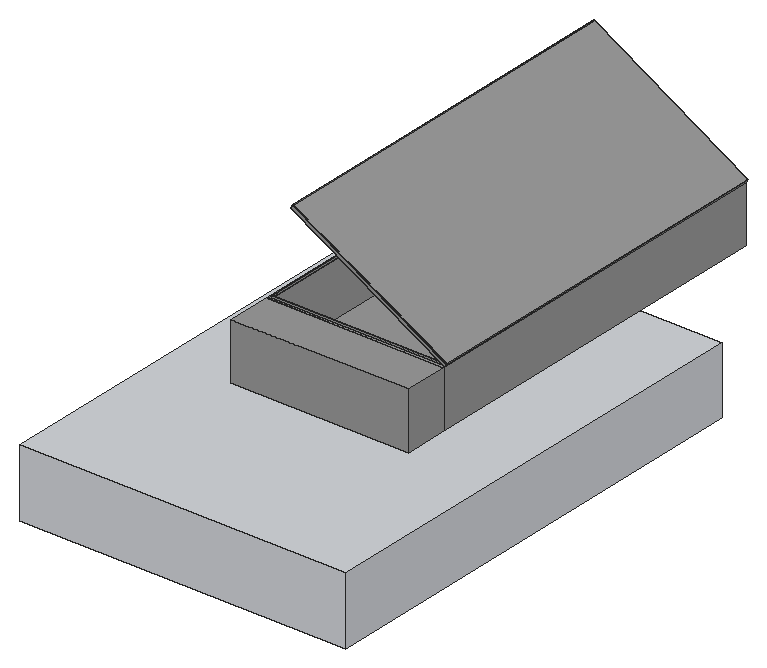
Revit family "Hager-Univers-IP55-D275-H1900-Cl.I-Steel_encl-NL-en", category Equipement électrique, Revit 2020
Family settings
  Hôte = Face
  Configuration du panneau = Deux colonnes, circuits au sein
  Cote de connecteur circulaire = Utiliser le diamètre
  Type d'élément = Tableau de raccordement
  Couper avec des vides une fois chargée = Non
  Partagée = Non
  Point de calcul de pièce = Non
Parameters (values of type "Floor installation IP55 W800 H1900 D275  - FR13E2")
  Width Control [instance] = if([EF000008 - Width] > Min Width, [EF000008 - Width], Min Width)  # 800 mm
  Commentaires du type = [HG000003 - Range]  # "Univers"
  Thickness Door [instance] = if([EF009171 - Material plate thickness door/cover] > 3 mm, 3 mm, [EF009171 - Material plate thickness door/cover])  # 1.5 mm
  Seal Frame Offset [instance] = 17 mm  # constant formula
  Plinth Visibility [instance] = [HG000027 - Plinth height] > 0 mm  # yes
  Model = ""
  Min Width [instance] = 100 mm  # constant formula
  Min Height [instance] = 100 mm  # constant formula
  Min Depth [instance] = (2 * [EF009170 - Material plate thickness cabinet]) + 1 mm  # 4 mm
  Internal Frame Depth [instance] = (Door System Depth * 0.5)  # 9 mm
  Height Control [instance] = if([EF000040 - Height] > Min Height, [EF000040 - Height], Min Height)  # 1900 mm
  HG000027 - Plinth height = 200 mm
  HG000026 - Floor standing = yes
  HG000024 - Bottom section height = 800 mm
  HG000023 - Double section enclosure = no
  HG000016 - Door 3d visibility [instance] = yes
  HG000015 - Clearance visibility [instance] = no
  HG000014 - Door on the right [instance] = yes
  HG000013 - Door on the left [instance] = not([HG000014 - Door on the right])  # no
  HG000012 - Door swing angle [instance] = 30.00°
  HG000010 - Asymmetric doors = no
  HG000009 - Double swing door = no
  HG000006 - Flush mounted = no
  HG000004 - Manufacturer reference = "FR13E2"
  HG000003 - Range = "Univers"
  HG000002 - With door or cover = yes
  Frame Offset Bottom [instance] = 10 mm  # constant formula
  Frame Offset [instance] = 15 mm  # constant formula
  EF015940 - Cover with overpressure release = no
  EF011959 - Degree of protection (NEMA) = ""
  EF009554 - Number of openings for flange plates = 6
  EF009212 - Cover model = "EV000116 - Closed"
  EF009171 - Material plate thickness door/cover = 1.5 mm
  EF009170 - Material plate thickness cabinet = 1.5 mm
  Fabricant = "Hager"  # constant formula
  EF008873 - Nominal current (In) = 800 A
  EF007800 - Suitable for lightning protection = no
  EF006306 - With lock = no
  EF006244 - Transparent cover/door = no
  EF005474 - Degree of protection (IP) = "EV006420 - IP55"
  EF004464 - Type of door = "EV002646 - Single"
  EF004427 - Number of modules = 396
  EF004293 - Impact strength = "EV008784 - IK10"
  EF003532 - Suitable for outdoor use = no
  EF002950 - Width in number of modular spacings = 24
  EF001613 - Circuit integrity = "EV000494 - None"
  EF001596 - Material housing = "EV000179 - Steel"
  EF001131 - Internal depth = 275 mm
  EF001088 - Extension possible = yes
  EF000437 - Number of conduit inlets = 6
  EF000339 - Type of cover = "EV004216 - Door"
  EF000266 - Number of rows = 11
  EF000218 - Built-in depth = 0 mm
  EF000118 - With mounting plate = no
  EF000116 - RAL-number = "7035"
  EF000049 - Depth = 275 mm
  EF000040 - Height = 1900 mm
  EF000008 - Width = 800 mm
  EF000007 - Colour = "EV000270 - Grey"
  EF000003 - Mounting method = "EV012274 - Floor installation"
  Door System Leaf Tolerance [instance] = 1.5 mm  # constant formula
  Door System Depth [instance] = 18 mm  # constant formula
  Door Height [instance] = Height Control - [HG000027 - Plinth height]  # 1700 mm
  Depth Control [instance] = if([EF000049 - Depth] > Min Depth, [EF000049 - Depth], Min Depth)  # 275 mm
  Default Elevation = 0 mm
  Connector Offset [instance] = Height Control / 2  # 950 mm
  Bottom Top Plate Trim [instance] = 1.5 mm  # constant formula
  Plinth height Ctrl [instance] = if([HG000027 - Plinth height] > 0 mm, [HG000027 - Plinth height], 12 mm)  # 200 mm
Types (5, lengths in mm): name | Width Control | HG000010 - Asymmetric doors | HG000009 - Double swing door | HG000004 - Manufacturer reference | EF009554 - Number of openings for flange plates | EF004464 - Type of door | EF004427 - Number of modules | EF000437 - Number of conduit inlets | EF000008 - Width
  Floor installation IP55 W1050 H1900 D275  - FR14E2 | 1050 | yes | yes | "FR14E2" | 8 | "EV003602 - Double" | 528 | 8 | 1050
  Floor installation IP55 W1300 H1900 D275  - FR15E2 | 1300 | yes | yes | "FR15E2" | 10 | "EV003602 - Double" | 660 | 10 | 1300
  Floor installation IP55 W300 H1900 D275  - FR11E2 | 300 | no | no | "FR11E2" | 2 | "EV002646 - Single" | 132 | 2 | 300
  Floor installation IP55 W550 H1900 D275  - FR12E2 | 550 | no | no | "FR12E2" | 4 | "EV002646 - Single" | 264 | 4 | 550
  Floor installation IP55 W800 H1900 D275  - FR13E2 | 800 | no | no | "FR13E2" | 6 | "EV002646 - Single" | 396 | 6 | 800
Reference planes
  plane 1 "Center (Front/Back)": y = 0
  plane 2: z = 0
  plane 3 "Center (Left/Right)": x = 0
  plane 4: z = 275
  plane 5: y = 201.5
  plane 6: y = 1050
  plane 7: y = 200
  plane 8: y = 1900
  plane 9: z = 0
  plane 10: x = -385
  plane 11: x = 385
  plane 12: x = 383.5
  plane 13: x = -383.5
  plane 14: y = 1898.5
  plane 15: x = -383
  plane 16: x = -400
  plane 17: x = 383
  plane 18: x = 400
  plane 19: x = 398.5
  plane 20: x = -398.5
  plane 21: y = 211.5
  plane 22: y = 1900
  plane 23: y = 1883.5
  plane 24: z = 257
  plane 25: z = 1.5
  plane 26: z = 255.5
  plane 27: z = 273.5
Forms (mm)
  Extrusion 1, solid
    sketch origin (0, 0, 0) x (1, 0, 0) y (0, 1, 0)
      loop
        line (-702.964, 1305) -> (-702.964, -811.445) -> (766.763, -811.445) -> (766.763, 1305) -> (-702.964, 1305)
    from 0 to -304.8
  Extrusion 2, solid, material "Hager_Steel_RAL7035_Light_Grey", visible <- "Plinth Visibility", detail levels medium+fine
    sketch origin (0, 0, 0) x (1, 0, 0) y (0, 1, 0)
      loop
        line (-400, 0) -> (400, 0) -> (400, 200) -> (-400, 200) -> (-400, 0)
    from 0 to 257
  Extrusion 3, solid, material "Hager_Steel_RAL7035_Light_Grey", detail levels medium+fine
    sketch origin (0, 0, 0) x (1, 0, 0) y (0, 1, 0)
      loop
        line (-400, 200) -> (400, 200) -> (400, 1900) -> (-400, 1900) -> (-400, 200)
    from 0 to 257
  Extrusion 4, void
    sketch origin (0, 0, 0) x (1, 0, 0) y (0, 1, 0)
      loop
        line (-398.5, 201.5) -> (398.5, 201.5) -> (398.5, 1898.5) -> (-398.5, 1898.5) -> (-398.5, 201.5)
    from 1.5 to 255.5
  Extrusion 5, void
    sketch origin (-381.607, -4572, 257) x (0, -1, 0) y (-1, 0, 0)
      loop
        line (-4783.5, 1.893) -> (-6455.5, 1.893) -> (-6455.5, -765.107) -> (-4783.5, -765.107) -> (-4783.5, 1.893)
    from 0 to 1.5 <- "EF009170 - Material plate thickness cabinet"
  Extrusion 6, solid, material "Hager_Steel_RAL7035_Light_Grey", detail levels fine
    sketch origin (0, 0, 257) x (1, 0, 0) y (0, 1, 0)
      loop
        line (-383.5, 1883.5) -> (-383.5, 211.5) -> (383.5, 211.5) -> (383.5, 1883.5) -> (-383.5, 1883.5)
      loop
        line (-385, 210) -> (385, 210) -> (385, 1885) -> (-385, 1885) -> (-385, 210)
    from 0 to 9 <- "Internal Frame Depth"
  Extrusion 7, solid, material "Hager_Steel_RAL7035_Light_Grey", detail levels coarse
    sketch origin (0, 0, 0) x (1, 0, 0) y (0, 1, 0)
      loop
        line (-400, 0) -> (400, 0) -> (400, 1900) -> (-400, 1900) -> (-400, 0)
    from 0 to 275
  Sweep 8, void
    path in 3D
      loop
        line (-400, 200, 0) -> (400, 200, 0) -> (400, 200, 257) -> (-400, 200, 257) -> (-400, 200, 0)
    profile origin (-400, 200, 128.5) x (-1, 0, 0) y (0, -1, 0)
      loop
        line (0, 0) -> (0, 1.5) -> (-1.5, 1.5)
        arc (-1.5, 1.5) -> (-1.061, 0.439) -> (0, 0) r 1.5
Cuts and joins
  Extrusion 4, Extrusion 5 cuts Extrusion 3
  Sweep 8 cuts Extrusion 2
Lines and regions (mm)
  Masking region 1
    outline origin (0, 0, 0) x (1, 0, 0) y (0, 0, 1)
      loop
        line (-400, 275) -> (-400, 0) -> (400, 0) -> (400, 275) -> (-400, 275)
  Masking region 2, detail levels medium+fine
    outline origin (0, 140, 0) x (0, 1, 0) y (0, 0, 1)
      loop
        line (60, 0) -> (1760, 0) -> (1760, 257) -> (60, 257) -> (60, 0)
  Masking region 3, not visible, detail levels medium+fine
    outline origin (0, 297.922, 0) x (0, 1, 0) y (0, 0, 1)
      loop
        line (763.578, 0) -> (803.578, 0) -> (803.578, 263.5)
        arc (803.578, 263.5) -> (800.649, 270.571) -> (793.578, 273.5) r 10
        line (793.578, 273.5) -> (763.578, 273.5) -> (763.578, 0)
  Masking region 4, detail levels coarse
    outline origin (0, 0, 180) x (0, 1, 0) y (0, 0, 1)
      loop
        line (0, -180) -> (1900, -180) -> (1900, 95) -> (0, 95) -> (0, -180)
  Masking region 5, visible <- "Plinth Visibility", detail levels medium+fine
    outline origin (0, 52.24, 12.345) x (0, 0, -1) y (0, 1, 0)
      loop
        line (10.845, 147.76) -> (-243.155, 147.76)
        arc (-243.155, 147.76) -> (-243.594, 146.699) -> (-244.655, 146.26) r 1.5
        line (-244.655, 146.26) -> (-244.655, -52.24) -> (12.345, -52.24) -> (12.345, 146.26)
        arc (12.345, 146.26) -> (11.285, 146.699) -> (10.845, 147.76) r 1.5
  Masking region 6, detail levels medium+fine
    outline origin (-381.607, -4572, 257) x (-1, 0, 0) y (0, -1, 0)
      loop
        line (18.393, -6472) -> (18.393, -4772) -> (-781.607, -4772) -> (-781.607, -6472) -> (18.393, -6472)
  Masking region 7, visible <- "Plinth Visibility", detail levels medium+fine
    outline origin (-381.607, -4727, 257) x (-1, 0, 0) y (0, -1, 0)
      loop
        arc (16.893, -4927) -> (17.332, -4925.939) -> (18.393, -4925.5) r 1.5
        line (18.393, -4925.5) -> (18.393, -4727) -> (-781.607, -4727) -> (-781.607, -4925.5)
        arc (-781.607, -4925.5) -> (-780.546, -4925.939) -> (-780.107, -4927) r 1.5
        line (-780.107, -4927) -> (16.893, -4927)
  Masking region 8, detail levels coarse
    outline origin (-442.548, -4669.526, 257) x (-1, 0, 0) y (0, -1, 0)
      loop
        line (-42.548, -6569.526) -> (-42.548, -4669.526) -> (-842.548, -4669.526) -> (-842.548, -6569.526) -> (-42.548, -6569.526)
  sketch lines
    curve 1: line (-400, 200, 257) -> (-400, 200, 0)
    curve 2: line (400, 200, 257) -> (-400, 200, 257)
    curve 3: line (400, 200, 257) -> (400, 200, 0)
    curve 4: line (-400, 200, 0) -> (400, 200, 0)
Dimensions and locks
  "Depth Control": plane 4 to Extrusion 1
  "HG000027 - Plinth height": plane 1 "Center (Front/Back)" to plane 7
  "EF009170 - Material plate thickness cabinet": plane 5 to plane 7
  locked: connector elem to plane 3 "Center (Left/Right)"
  equal spacing: plane 8, plane 6, plane 7
  locked: connector elem to plane 6
  "EF009170 - Material plate thickness cabinet": plane 8 to plane 14
  "EF009170 - Material plate thickness cabinet": plane 10 to plane 13
  "EF009170 - Material plate thickness cabinet": plane 12 to plane 11
  "Frame Offset": plane 20 to plane 13
  "Frame Offset": plane 12 to plane 19
  "EF009170 - Material plate thickness cabinet": plane 16 to plane 20
  "EF009170 - Material plate thickness cabinet": plane 19 to plane 18
  "Seal Frame Offset": plane 16 to plane 15
  "Seal Frame Offset": plane 17 to plane 18
  "Frame Offset Bottom": plane 21 to plane 5
  "Frame Offset": plane 14 to plane 23
  equal spacing: plane 16, plane 3 "Center (Left/Right)", plane 18
  "Width Control": plane 16 to plane 18
  "EF009170 - Material plate thickness cabinet": plane 4 to plane 27
  "EF009170 - Material plate thickness cabinet": plane 24 to plane 26
  "EF009170 - Material plate thickness cabinet": plane 25 to level
  "Door System Depth": plane 4 to plane 24
  "Height Control": plane 1 "Center (Front/Back)" to Extrusion 7 sketch curve
  "Height Control": Masking region 4 sketch curve to plane 1 "Center (Front/Back)"
  "Height Control": plane 1 "Center (Front/Back)" to plane 22
  "Bottom Top Plate Trim": profile plane to Sweep 8 sketch curve
  "Bottom Top Plate Trim": Sweep 8 sketch curve to profile plane
  "Plinth height Ctrl": plane 1 "Center (Front/Back)" to Extrusion 2 sketch curve
  "Plinth height Ctrl": Masking region 5 sketch curve to plane 1 "Center (Front/Back)"
  "Plinth height Ctrl": plane 1 "Center (Front/Back)" to Masking region 7 sketch curve
  "Thickness Door": Extrusion 6 sketch curve to Extrusion 6 sketch curve  (x3)
  "Thickness Door": cut or joined group of Extrusion 3, Extrusion 4, Extrusion 5 to Extrusion 6 sketch curve
  radius of Masking region 3 sketch curve = 10 mm
  "Bottom Top Plate Trim": radius of Masking region 5 sketch curve  (x2)
  "Bottom Top Plate Trim": radius of Sweep 8 sketch curve
  "Bottom Top Plate Trim": radius of Masking region 7 sketch curve  (x2)
  aligned and locked: plane 2 to Extrusion 1
  aligned and locked: level to Extrusion 1
  aligned and locked: level to Masking region 1 sketch curve
  aligned and locked: Masking region 1 sketch curve to plane 18
  aligned and locked: Masking region 1 sketch curve to plane 16
  aligned and locked: plane 7 to Masking region 2 sketch curve
  aligned and locked: level to Masking region 3 sketch curve
  aligned and locked: Masking region 3 sketch curve to plane 27
  aligned and locked: level to Masking region 2 sketch curve
  aligned and locked: plane 1 "Center (Front/Back)" to Extrusion 2 sketch curve
  aligned and locked: Extrusion 3 sketch curve to plane 7
  aligned and locked: plane 16 to Extrusion 3 sketch curve
  aligned and locked: plane 18 to Extrusion 3 sketch curve
  aligned and locked: plane 20 to Extrusion 4 sketch curve
  aligned and locked: plane 19 to Extrusion 4 sketch curve
  aligned and locked: Extrusion 4 sketch curve to plane 5
  aligned and locked: Extrusion 4 to plane 25
  aligned and locked: plane 26 to Extrusion 4
  aligned and locked: plane 24 to Extrusion 3
  aligned and locked: Extrusion 5 sketch curve to plane 21
  aligned and locked: Extrusion 5 sketch curve to plane 13
  aligned and locked: Extrusion 5 sketch curve to plane 12
  aligned and locked: plane 18 to Extrusion 7 sketch curve
  aligned and locked: plane 1 "Center (Front/Back)" to Extrusion 7 sketch curve
  aligned and locked: plane 16 to Extrusion 7 sketch curve
  aligned and locked: plane 4 to Extrusion 7
  aligned and locked: Extrusion 7 to level
  aligned and locked: level to Masking region 4 sketch curve
  aligned and locked: Masking region 4 sketch curve to plane 1 "Center (Front/Back)"
  aligned and locked: Masking region 4 sketch curve to plane 4
  aligned and locked: nested 1 to level
  aligned and locked: nested 1 to plane 16
  aligned and locked: plane 8 to Extrusion 3 sketch curve
  aligned and locked: plane 23 to Extrusion 5 sketch curve
  aligned and locked: plane 14 to Extrusion 4 sketch curve
  aligned and locked: Masking region 2 sketch curve to plane 8
  aligned and locked: level to Masking region 5 sketch curve
  aligned and locked: plane 16 to Extrusion 2 sketch curve
  aligned and locked: plane 18 to Extrusion 2 sketch curve
  aligned and locked: Masking region 5 sketch curve to plane 24
  aligned and locked: Masking region 2 sketch curve to plane 24
  aligned and locked: plane 24 to Extrusion 2
  aligned and locked: profile plane to Sweep 8 sketch curve  (x2)
  aligned and locked: Masking region 6 sketch curve to plane 18
  aligned and locked: Masking region 6 sketch curve to plane 22
  aligned and locked: Masking region 6 sketch curve to plane 16
  aligned and locked: plane 8 to plane 22
  aligned and locked: Masking region 6 sketch curve to plane 7
  aligned and locked: Masking region 7 sketch curve to plane 16
  aligned and locked: Masking region 7 sketch curve to plane 1 "Center (Front/Back)"
  aligned and locked: Masking region 7 sketch curve to plane 18
  aligned and locked: Masking region 8 sketch curve to plane 1 "Center (Front/Back)"
  aligned and locked: Masking region 8 sketch curve to plane 18
  aligned and locked: Masking region 8 sketch curve to plane 22
  aligned and locked: Masking region 8 sketch curve to plane 16
  aligned and locked: nested 2 to plane 7
  aligned and locked: plane 3 "Center (Left/Right)" to nested 2
  aligned and locked: nested 2 to plane 24
  aligned and locked: Extrusion 6 sketch curve to cut or joined group of Extrusion 3, Extrusion 4, Extrusion 5  (x4)
Automatic sketch dimensions
  Extrusion 1 sketch curve to Extrusion 1 sketch curve = 1469.727 mm
  Extrusion 1 sketch curve to Extrusion 1 sketch curve = 2116.445 mm
  Masking region 1 sketch curve to plane 4 = 0 mm
  plane 6 to Masking region 3 sketch curve = 11.5 mm
  Masking region 3 sketch curve to Masking region 3 sketch curve = 30 mm
  Masking region 5 sketch curve to plane 1 "Center (Front/Back)" = 0 mm
Nested families
  nested 1: "Hager_Enclosure_Symbol" at (-400, 0, 0) x (1, 0, 0) z (0, -1, 0), Height <- "Depth Control", Width <- "Width Control", type "Hager_Enclosure_Symbol"
    with Width_Ctrl 800 mm, Width 800 mm, Height_Ctrl 275 mm, Height 275 mm, A_Width_Int 18.047 mm, A_Width 216.562 mm, A_Height_Ctrl 240.625 mm, A_Height 240.625 mm
  nested 2: "EC000058_Univers_Door" at (0, 200, 257) x (1, 0, 0) z (0, 1, 0), Leaf_Tolerance <- "Door System Leaf Tolerance", Angle <- "HG000012 - Door swing angle", Door_Depth <- "Door System Depth", Door_Left <- "HG000013 - Door on the left", Transparent <- "EF006244 - Transparent cover/door", Assymetrical <- "HG000010 - Asymmetric doors", Width <- "Width Control", Clearance <- "HG000015 - Clearance visibility", Double <- "HG000009 - Double swing door", 3d_Door <- "HG000016 - Door 3d visibility", Lock_Visibility <- "EF006306 - With lock", Width_Ctrl <- "Width Control", Door_Right <- "HG000014 - Door on the right", Door <- "HG000002 - With door or cover", Height <- "Door Height", Thickness <- "Thickness Door", type "EC000058_Univers_Door", detail levels medium+fine
    with min_wh 4 mm, Width_Ctrl 800 mm, Width 800 mm, Transparent no, Thickness 1.5 mm, Seal_Material Hager_Rubber, Lock_Visibility no, Lock_Material Hager_Plastic_RAL9005_Jet_Black, Leaf_Width 800 mm, Leaf_Tolerance_External_Sides 0 mm, Leaf_Tolerance 1.5 mm, Leaf_Offset 0 mm, Leaf_Height 1697 mm, Leaf_2_Width 800 mm, Leaf_2_Offset 400 mm, Leaf_1_Width 800 mm, Leaf_1_Offset 400 mm, Height_Ctrl 1700 mm, Height 1700 mm, Glass_Material Hager_Glass, Double_Clearance_Ctrl no, Double no, Door_Right_Ctrl yes, Door_Right yes, Door_Material Hager_Steel_RAL7035_Light_Grey, Door_Left_Ctrl no, Door_Left no, Door_Depth 18 mm, Door yes, Clearance_Material Hager_Clearance, Clearance_Depth 800 mm, Clearance_Ctrl no, Clearance no, Assymetrical no, Angle 30.00°, 3d_Door yes
Connectors
  electrical at (0, 1050, 0)
    settings: on plane 9, index 1, voltage 0 V, apparent load 0 VA, apparent load phase1 0 VA, apparent load phase2 0 VA, apparent load phase3 0 VA, power factor 1, load classification "Other", number of poles 1, system type 30, power factor state 1, is connector primary yes, connector utility no, sub classification motor no, connector description ""
Definition of nested family "EC000058_Univers_Door"
  Parameters (values of type "EC000058_Univers_Door")
    min_wh [instance] = (2 * Thickness) + 1 mm  # 11 mm
    Width_Ctrl [instance] = 400 mm
    Width [instance] = 500 mm
    Transparent [instance] = yes
    Thickness [instance] = 5 mm
    Seal_Material [instance] = none
    Lock_Visibility [instance] = yes
    Lock_Material [instance] = none
    Leaf_Width [instance] = if((Width_Ctrl - 2 * Leaf_Tolerance_External_Sides) > 0 mm, (Width_Ctrl - 2 * Leaf_Tolerance_External_Sides), min_wh)  # 400 mm
    Leaf_Tolerance_External_Sides [instance] = 0 mm  # constant formula
    Leaf_Tolerance [instance] = 1.5 mm
    Leaf_Offset [instance] = 0 mm  # constant formula
    Leaf_Height [instance] = if((Height_Ctrl - 2 * Leaf_Tolerance) > 0 mm, (Height_Ctrl - 2 * Leaf_Tolerance), min_wh)  # 497 mm
    Leaf_2_Width [instance] = if(and(and(Double, Assymetrical), Door_Left), (Leaf_Width / 3) - (Leaf_Tolerance / 2), if(and(and(Double, Assymetrical), Door_Right), (Leaf_Width / 3) * 2 - (Leaf_Tolerance / 2), if(and(Double, not(Assymetrical)), (Leaf_Width / 2) - Leaf_Tolerance, Leaf_Width)))  # 400 mm
    Leaf_2_Offset [instance] = if(and(Double, Assymetrical), Leaf_2_Width / 2, if(and(Double, not(Assymetrical)), Leaf_Width / 4, Leaf_Width / 2))  # 200 mm
    Leaf_1_Width [instance] = if(and(and(Double, Assymetrical), Door_Right), (Leaf_Width / 3) - (Leaf_Tolerance / 2), if(and(and(Double, Assymetrical), Door_Left), (Width / 3) * 2 - (Leaf_Tolerance / 2), if(and(Double, not(Assymetrical)), (Leaf_Width / 2) - Leaf_Tolerance, Leaf_Width)))  # 400 mm
    Leaf_1_Offset [instance] = if(and(Double, Assymetrical), Leaf_1_Width / 2, if(and(Double, not(Assymetrical)), Leaf_Width / 4, Leaf_Width / 2))  # 200 mm
    Height_Ctrl [instance] = if(Height > min_wh, Height, min_wh)  # 500 mm
    Height [instance] = 500 mm
    Glass_Material [instance] = none
    Double_Clearance_Ctrl [instance] = and(Double, Clearance)  # no
    Double [instance] = no
    Door_Right_Ctrl [instance] = and(or(Door_Right, Double), Door)  # yes
    Door_Right [instance] = yes
    Door_Material [instance] = none
    Door_Left_Ctrl [instance] = and(or(Door_Left, Double), Door)  # no
    Door_Left [instance] = no
    Door_Depth [instance] = 30 mm
    Door [instance] = yes
    Default Elevation = 1219.2 mm
    Clearance_Material [instance] = none
    Clearance_Depth [instance] = if(Leaf_1_Width > Leaf_2_Width, Leaf_1_Width, Leaf_2_Width)  # 400 mm
    Clearance_Ctrl [instance] = and(not(Double), Clearance)  # yes
    Clearance [instance] = yes
    Assymetrical [instance] = yes
    Angle [instance] = 30.00°
    3d_Door [instance] = yes
  Reference planes
    plane 1 "Center (Front/Back)": y = 0
    plane 2 "Bottom": z = 0
    plane 3 "Center (Left/Right)": x = 0
    plane 4: z = 500
    plane 5: x = -200
    plane 6: x = 200
    plane 7: z = 500
    plane 8: x = -200
    plane 9: z = 0
    plane 10: x = 200
    plane 11: y = 0
    plane 12: z = 1.5
    plane 13: x = -600
    plane 14: y = -400
    plane 15: x = 600
    plane 16: x = 0
    plane 17: x = 0
    plane 18: x = -200
    plane 19: x = 200
    plane 20: z = 498.5
  Forms (mm)
    Extrusion 1, solid, material <- "Clearance_Material", visible <- "Double_Clearance_Ctrl"
      sketch origin (1200, 0, 0) x (1, 0, 0) y (0, 0, -1)
        loop
          line (-1800, -498.5) -> (-600, -498.5) -> (-600, 0) -> (-1800, 0) -> (-1800, -498.5)
      from 0 to -400
  Dimensions and locks
    equal spacing: plane 5, plane 3 "Center (Left/Right)", plane 6
    "Width_Ctrl": plane 5 to plane 6
    "Leaf_Offset": plane 5 to plane 8
    "Leaf_Offset": plane 6 to plane 10
    "Leaf_Offset": plane 9 to level
    "Leaf_Offset": plane 4 to plane 7
    "Height_Ctrl": plane 4 to level
    "Leaf_Tolerance": plane 12 to plane 9
    locked: plane 11 to plane 1 "Center (Front/Back)"
    "Leaf_1_Offset": plane 18 to plane 16
    "Leaf_2_Offset": plane 17 to plane 19
    "Leaf_1_Width": plane 13 to plane 8
    "Leaf_2_Width": plane 10 to plane 15
    "Clearance_Depth": plane 14 to plane 1 "Center (Front/Back)"
    "Leaf_Tolerance_External_Sides": plane 8 to plane 18
    "Leaf_Tolerance_External_Sides": plane 19 to plane 10
    "Leaf_Tolerance": plane 7 to plane 20
    aligned and locked: level to plane 2 "Bottom"
    aligned and locked: nested 1 to plane 16
    aligned and locked: nested 2 to plane 17
    aligned and locked: Extrusion 1 to plane 13
    aligned and locked: plane 15 to Extrusion 1
    aligned and locked: Extrusion 1 to plane 14
    aligned and locked: plane 12 to nested 1
    aligned and locked: nested 2 to plane 12
    aligned and locked: Extrusion 1 to plane 11
    aligned and locked: plane 20 to Extrusion 1
    aligned and locked: nested 2 to plane 11
    aligned and locked: nested 1 to plane 11
  Automatic sketch dimensions
    Extrusion 1 sketch curve to level = 0 mm
    plane 5 to Extrusion 1 sketch curve = 400 mm
    plane 6 to Extrusion 1 sketch curve = 400 mm
    Extrusion 1 sketch curve to plane 4 = 1.5 mm
  Nested families
    nested 1: "EC000058_Univers_Door_Leaf" at (0, 0, 1.5), Width <- "Leaf_1_Width", visible <- "Door_Left_Ctrl", Leaf_Height <- "Leaf_Height", Angle <- "Angle", 3d_Door <- "3d_Door", Transparent <- "Transparent", Clearance Material <- "Clearance_Material", Clearance <- "Clearance_Ctrl", Door_Material <- "Door_Material", Glass_Material <- "Glass_Material", Door_Depth <- "Door_Depth", Lock_Material <- "Lock_Material", Seal_Material <- "Seal_Material", Lock_Visibility <- "Lock_Visibility", Thickness <- "Thickness", type "EC000058_Univers_Door_Leaf"
      with Width 400 mm, Transparent_Glass_Offset 30 mm, Transparent_Ctrl yes, Transparent yes, Thickness 5 mm, Standard no, Seal_Material none, Seal_D2 8 mm, Seal_D1 1 mm, Offset_Internal_Frame 10 mm, Lock_Width 20 mm, Lock_Visibility_3d yes, Lock_Visibility yes, Lock_Thickness_3 3 mm, Lock_Thickness_2 1 mm, Lock_Thickness_1 3 mm, Lock_Radius_Offset_2 16 mm, Lock_Radius_Offset_1 15 mm, Lock_Radius_2 5 mm, Lock_Radius 6 mm, Lock_Offset 5 mm, Lock_Material none, Lock_Height 80 mm, Lock_Cover_Top_Offset_2d 17 mm, Lock_Cover_Height -65 mm, Leaf_Height 497 mm, Internal_Seal_Thickness 8 mm, Internal_Seal_Depth_2 4.5 mm, Internal_Frame_Depth 25 mm, Glass_Thickness -1 mm, Glass_Offset -2 mm, Glass_Material none, Door_Material none, Door_Depth 30 mm, Clearance Material none, Clearance yes, Angle_Ctrl 30.00°, Angle 30.00°, 3d_Door yes
    nested 2: "EC000058_Univers_Door_Leaf" at (0, 0, 1.5) x (-1, 0, 0) z (0, 0, 1), Width <- "Leaf_2_Width", visible <- "Door_Right_Ctrl", Leaf_Height <- "Leaf_Height", Angle <- "Angle", 3d_Door <- "3d_Door", Transparent <- "Transparent", Clearance Material <- "Clearance_Material", Clearance <- "Clearance_Ctrl", Door_Material <- "Door_Material", Glass_Material <- "Glass_Material", Door_Depth <- "Door_Depth", Lock_Material <- "Lock_Material", Seal_Material <- "Seal_Material", Lock_Visibility <- "Lock_Visibility", Thickness <- "Thickness", type "EC000058_Univers_Door_Leaf"
      with Width 400 mm, Transparent_Glass_Offset 30 mm, Transparent_Ctrl yes, Transparent yes, Thickness 5 mm, Standard no, Seal_Material none, Seal_D2 8 mm, Seal_D1 1 mm, Offset_Internal_Frame 10 mm, Lock_Width 20 mm, Lock_Visibility_3d yes, Lock_Visibility yes, Lock_Thickness_3 3 mm, Lock_Thickness_2 1 mm, Lock_Thickness_1 3 mm, Lock_Radius_Offset_2 16 mm, Lock_Radius_Offset_1 15 mm, Lock_Radius_2 5 mm, Lock_Radius 6 mm, Lock_Offset 5 mm, Lock_Material none, Lock_Height 80 mm, Lock_Cover_Top_Offset_2d 17 mm, Lock_Cover_Height -65 mm, Leaf_Height 497 mm, Internal_Seal_Thickness 8 mm, Internal_Seal_Depth_2 4.5 mm, Internal_Frame_Depth 25 mm, Glass_Thickness -1 mm, Glass_Offset -2 mm, Glass_Material none, Door_Material none, Door_Depth 30 mm, Clearance Material none, Clearance yes, Angle_Ctrl 30.00°, Angle 30.00°, 3d_Door yes
  Definition of nested family "EC000058_Univers_Door_Leaf"
    Parameters (values of type "EC000058_Univers_Door_Leaf")
      Width [instance] = 2000 mm
      Transparent_Glass_Offset [instance] = 30 mm
      Transparent_Ctrl [instance] = and(Transparent, [3d_Door])  # yes
      Transparent [instance] = yes
      Thickness [instance] = 5 mm
      Standard [instance] = and(not(Transparent), [3d_Door])  # no
      Seal_Material [instance] = none
      Seal_D2 [instance] = 8 mm  # constant formula
      Seal_D1 [instance] = 1 mm  # constant formula
      Offset_Internal_Frame [instance] = 10 mm  # constant formula
      Lock_Width [instance] = 20 mm  # constant formula
      Lock_Visibility_3d [instance] = and(Lock_Visibility, [3d_Door])  # yes
      Lock_Visibility [instance] = yes
      Lock_Thickness_3 [instance] = 3 mm  # constant formula
      Lock_Thickness_2 [instance] = 1 mm  # constant formula
      Lock_Thickness_1 [instance] = 3 mm  # constant formula
      Lock_Radius_Offset_2 [instance] = Lock_Radius_Offset_1 + 1 mm  # 16 mm
      Lock_Radius_Offset_1 [instance] = 15 mm  # constant formula
      Lock_Radius_2 [instance] = Lock_Radius - 1 mm  # 5 mm
      Lock_Radius [instance] = 6 mm  # constant formula
      Lock_Offset [instance] = 5 mm  # constant formula
      Lock_Material [instance] = none
      Lock_Height [instance] = 80 mm  # constant formula
      Lock_Cover_Top_Offset_2d [instance] = Lock_Radius_Offset_2 + 1 mm  # 17 mm
      Lock_Cover_Height [instance] = -(Lock_Height - Lock_Radius_Offset_1)  # -65 mm
      Leaf_Height [instance] = 2720.336 mm
      Internal_Seal_Thickness [instance] = 8 mm  # constant formula
      Internal_Seal_Depth_2 [instance] = 4.5 mm  # constant formula
      Internal_Frame_Depth [instance] = if(Door_Depth - Thickness > 5 mm, Door_Depth - Thickness, 5 mm)  # 25 mm
      Glass_Thickness [instance] = if(Thickness > 15 mm, Glass_Offset + 10 mm, -1 mm)  # -1 mm
      Glass_Offset [instance] = if(Thickness > 15 mm, -(Thickness + 10 mm) / 2, -2 mm)  # -2 mm
      Glass_Material [instance] = none
      Door_Material [instance] = none
      Door_Depth [instance] = 30 mm
      Default Elevation = 0 mm
      Clearance Material [instance] = none
      Clearance [instance] = yes
      Angle_Ctrl [instance] = if(Angle > 180.00°, 180.00°, Angle)  # 90.00°
      Angle [instance] = 90.00°
      3d_Door [instance] = yes
    Reference planes
      plane 1 "Center (Front/Back)": y = 0
      plane 2: z = 0
      plane 3 "Center (Left/Right)": x = 0
      plane 4: y = 2000
      plane 5: x = -1000
      plane 6: x = 1000
      plane 7: x = -3000
      plane 8: z = 2720.336
      plane 9: z = 30
      plane 10: z = 2690.336
      plane 11: x = 970
      plane 12: x = -970
      plane 13: y = -3
      plane 14: z = 107.833
      plane 15: y = -5
      plane 16: y = -223.314
      plane 17: x = -1000
      plane 18: z = 1360.168
      plane 19: y = 30
    Forms (mm)
      Extrusion 1, solid, material <- "Clearance Material", visible <- "Clearance"
        sketch origin (0, 0, 0) x (1, 0, 0) y (0, 0, 1)
          loop
            line (-3000, 2720.336) -> (-3000, 0) -> (1000, 0) -> (1000, 2720.336) -> (-3000, 2720.336)
        from 0 to -2000
      Extrusion 2, solid, material <- "Door_Material", visible <- "Standard", detail levels medium+fine
        sketch origin (-1000, 0, 0) x (0, 1, 0) y (-1, 0, 0)
          loop
            line (0, 30) -> (0, 25) -> (2000, 25) -> (2000, 30) -> (0, 30)
        from 0 to 2720.336 <- "Leaf_Height"
      Extrusion 3, solid, material <- "Door_Material", visible <- "Transparent_Ctrl", detail levels medium+fine
        sketch origin (-1000, 0, 0) x (0, 1, 0) y (-1, 0, 0)
          loop
            line (0, 25) -> (2000, 25) -> (2000, 30) -> (0, 30) -> (0, 25)
        from 0 to 2720.336 <- "Leaf_Height"
      Extrusion 4, void
        sketch origin (-1025, 2000, 0) x (0, 1, 0) y (0, 0, -1)
          loop
            line (-30, -2690.336) -> (-30, -30) -> (-1970, -30) -> (-1970, -2690.336) -> (-30, -2690.336)
        from 0 to 5 <- "Thickness"
      Sweep 5, solid, material <- "Seal_Material", visible <- "Transparent_Ctrl", detail levels fine
        path in 3D
          loop
            line (-1025, 30, 30) -> (-1025, 30, 2690.336) -> (-1025, 1970, 2690.336) -> (-1025, 1970, 30) -> (-1025, 30, 30)
        profile origin (-1025, 1000, 30) x (1, 0, 0) y (0, 0, 1)
          loop
            line (0, 0) -> (0, -8) -> (1, -8) -> (1, 0) -> (0, 0)
      Extrusion 6, solid, material <- "Glass_Material", visible <- "Transparent_Ctrl", detail levels medium+fine
        sketch origin (-1030, 0, 0) x (0, 1, 0) y (0, 0, -1)
          loop
            line (1970, -2690.336) -> (1970, -30) -> (30, -30) -> (30, -2690.336) -> (1970, -2690.336)
        from -2 <- "Glass_Offset" to -1 <- "Glass_Thickness"
      Extrusion 7, solid, material <- "Door_Material", visible <- "3d_Door", detail levels medium+fine
        sketch origin (-1025, 2000, 0) x (0, -1, 0) y (0, 0, -1)
          loop
            line (0, -2720.336) -> (2000, -2720.336) -> (2000, 0) -> (0, 0) -> (0, -2720.336)
          loop
            line (1995, -5) -> (5, -5) -> (5, -2715.336) -> (1995, -2715.336) -> (1995, -5)
        from 0 to 25 <- "Internal_Frame_Depth"
      Sweep 8, solid, material <- "Seal_Material", visible <- "Transparent_Ctrl", detail levels fine
        path in 3D
          loop
            line (-1025, 0, 0) -> (-1025, 2000, 0) -> (-1025, 2000, 2720.336) -> (-1025, 0, 2720.336) -> (-1025, 0, 0)
        profile origin (-1025, 0, 1360.168) x (1, 0, 0) y (0, 1, 0)
          loop
            line (0, 10) -> (2.975, 10)
            arc (2.975, 10) -> (4.053, 10.447) -> (4.5, 11.525) r 1.525
            line (4.5, 11.525) -> (4.5, 16.527)
            arc (4.5, 16.527) -> (4.069, 17.569) -> (3.027, 18) r 1.473
            line (3.027, 18) -> (0, 18) -> (0, 10)
      Extrusion 9, solid, material <- "Lock_Material", visible <- "Lock_Visibility_3d", detail levels fine
        sketch origin (-1030, 0, 0) x (0, 1, 0) y (0, 0, -1)
          loop
            arc (1993.5, -1400.168) -> (1994.561, -1399.729) -> (1995, -1398.668) r 1.5
            line (1995, -1398.668) -> (1995, -1320.168) -> (1975, -1320.168) -> (1975, -1398.668)
            arc (1975, -1398.668) -> (1975.439, -1399.729) -> (1976.5, -1400.168) r 1.5
            line (1976.5, -1400.168) -> (1993.5, -1400.168)
        from 3 <- "Lock_Thickness_1" to 0
      Blend 10, solid, material <- "Lock_Material", visible <- "Lock_Visibility_3d", detail levels fine
        base sketch origin (-1033, 0, 0) x (0, 1, 0) y (0, 0, -1)
          loop
            line (1975, -1320.168) -> (1975, -1398.668)
            arc (1975, -1398.668) -> (1975.439, -1399.729) -> (1976.5, -1400.168) r 1.5
            line (1976.5, -1400.168) -> (1993.5, -1400.168)
            arc (1993.5, -1400.168) -> (1994.561, -1399.729) -> (1995, -1398.668) r 1.5
            line (1995, -1398.668) -> (1995, -1320.168) -> (1975, -1320.168)
        top sketch origin (-1033, 0, 0) x (0, 1, 0) y (0, 0, -1)
          loop
            line (1976, -1320.168) -> (1976, -1398.668)
            arc (1976, -1398.668) -> (1976.146, -1399.022) -> (1976.5, -1399.168) r 0.5
            line (1976.5, -1399.168) -> (1993.5, -1399.168)
            arc (1993.5, -1399.168) -> (1993.854, -1399.022) -> (1994, -1398.668) r 0.5
            line (1994, -1398.668) -> (1994, -1320.168) -> (1976, -1320.168)
        from 0 to 1 <- "Lock_Thickness_2"
      Blend 11, solid, material <- "Lock_Material", visible <- "Lock_Visibility_3d", detail levels fine
        base sketch origin (-1034, 0, 0) x (0, 1, 0) y (0, 0, -1)
          loop
            line (1978, -1320.168) -> (1978, -1384.168)
            arc (1978, -1384.168) -> (1985, -1391.168) -> (1992, -1384.168) r 7
            line (1992, -1384.168) -> (1992, -1320.168) -> (1978, -1320.168)
        top sketch origin (-1034, 0, 0) x (0, 1, 0) y (0, 0, -1)
          loop
            line (1991, -1320.168) -> (1979, -1320.168) -> (1979, -1383.168)
            arc (1979, -1383.168) -> (1985, -1389.168) -> (1991, -1383.168) r 6
            line (1991, -1383.168) -> (1991, -1320.168)
        from 0 to 3 <- "Lock_Thickness_3"
      Extrusion 12, solid, material <- "Lock_Material", visible <- "Lock_Visibility_3d", detail levels fine
        sketch origin (-1030, 1975, 1320.168) x (1, 0, 0) y (0, -1, 0)
          loop
            line (-7, -19) -> (-7, -1) -> (0, -1) -> (0, 0) -> (-8, 0) -> (-8, -20) -> (0, -20) -> (0, -19) -> (-7, -19)
        from 0 to -65 <- "Lock_Cover_Height"
      Extrusion 13, void
        sketch origin (-1038, 1995, 1320.168) x (-1, 0, 0) y (0, 0, -1)
          loop
            line (-5, -65) -> (0, -65) -> (-5, -60) -> (-5, -65)
        from 0 to 20 <- "Lock_Width"
      Extrusion 14, void
        sketch origin (-1038, 1975, 1320.168) x (0, -1, 0) y (0, 0, -1)
          loop
            circle (-10, -15.995) r 6
          loop
            circle (-10, -15.995) r 5
        from 0 to 2
      Extrusion 15, solid, material <- "Lock_Material", visible <- "Lock_Visibility_3d", detail levels medium
        sketch origin (-1030, 0, 0) x (0, 1, 0) y (0, 0, -1)
          loop
            arc (1993.5, -1400.168) -> (1994.561, -1399.729) -> (1995, -1398.668) r 1.5
            line (1995, -1398.668) -> (1995, -1320.168) -> (1975, -1320.168) -> (1975, -1398.668)
            arc (1975, -1398.668) -> (1975.439, -1399.729) -> (1976.5, -1400.168) r 1.5
            line (1976.5, -1400.168) -> (1993.5, -1400.168)
        from 8 to 0
    Cuts and joins
      Extrusion 4 cuts Extrusion 3
      Extrusion 13, Extrusion 14 cuts Extrusion 9
      Extrusion 14 cuts Blend 11
      Extrusion 13, Extrusion 14 cuts Extrusion 12
      joined: Extrusion 9, Blend 10, Blend 11, Extrusion 12
      Extrusion 14 cuts Extrusion 15
    Lines and regions (mm)
      Masking region 1, visible <- "Lock_Visibility", detail levels fine
        outline origin (0, 0, 0) x (0, 1, 0) y (0, 0, 1)
          loop
            line (30, 1320.168) -> (33, 1320.168) -> (33, 1400.168) -> (30, 1400.168) -> (30, 1320.168)
      Masking region 2, visible <- "Lock_Visibility", detail levels fine
        outline origin (0, 3.143, 0) x (0, 1, 0) y (0, 0, 1)
          loop
            line (29.857, 1354.168) -> (30.857, 1354.168) -> (30.857, 1366.168) -> (29.857, 1366.168) -> (29.857, 1354.168)
      Masking region 3, detail levels medium+fine
        outline origin (0, 0, 0) x (0, 1, 0) y (0, 0, 1)
          loop
            line (0, 0) -> (30, 0) -> (30, 2720.336) -> (0, 2720.336) -> (0, 0)
      Masking region 4, detail levels medium+fine
        outline origin (0, 0, 0) x (1, 0, 0) y (0, 0, 1)
          loop
            line (-1000, 2720.336) -> (-1000, 0) -> (1000, 0) -> (1000, 2720.336) -> (-1000, 2720.336)
      Masking region 5, visible <- "Lock_Visibility", detail levels fine
        outline origin (-47.116, 0, 0) x (1, 0, 0) y (0, 0, 1)
          loop
            arc (1024.616, 1399.168) -> (1023.556, 1398.729) -> (1023.116, 1397.668) r 1.5
            line (1023.116, 1397.668) -> (1023.116, 1320.168) -> (1041.116, 1320.168) -> (1041.116, 1397.668)
            arc (1041.116, 1397.668) -> (1040.677, 1398.729) -> (1039.616, 1399.168) r 1.5
            line (1039.616, 1399.168) -> (1024.616, 1399.168)
      Masking region 6, visible <- "Lock_Visibility", detail levels medium+fine
        outline origin (-25, 0, 0) x (1, 0, 0) y (0, 0, 1)
          loop
            arc (1001.5, 1400.168) -> (1000.439, 1399.729) -> (1000, 1398.668) r 1.5
            line (1000, 1398.668) -> (1000, 1320.168) -> (1020, 1320.168) -> (1020, 1398.668)
            arc (1020, 1398.668) -> (1019.561, 1399.729) -> (1018.5, 1400.168) r 1.5
            line (1018.5, 1400.168) -> (1001.5, 1400.168)
      Masking region 7, visible <- "Lock_Visibility", detail levels fine
        outline origin (-73.735, 0, 0) x (1, 0, 0) y (0, 0, 1)
          loop
            line (1051.735, 1382.168) -> (1065.735, 1382.168) -> (1065.735, 1384.168)
            arc (1065.735, 1384.168) -> (1058.735, 1391.168) -> (1051.735, 1384.168) r 7
            line (1051.735, 1384.168) -> (1051.735, 1382.168)
      Masking region 8, visible <- "Lock_Visibility", detail levels fine
        outline origin (-73.735, 0, 0) x (1, 0, 0) y (0, 0, 1)
          loop
            line (1052.735, 1382.168) -> (1064.735, 1382.168) -> (1064.735, 1383.168)
            arc (1064.735, 1383.168) -> (1058.735, 1389.168) -> (1052.735, 1383.168) r 6
            line (1052.735, 1383.168) -> (1052.735, 1382.168)
      Masking region 9, visible <- "Lock_Visibility", detail levels fine
        outline origin (-25, 0, 0) x (1, 0, 0) y (0, 0, 1)
          loop
            line (1020, 1320.168) -> (1020, 1382.168) -> (1000, 1382.168) -> (1000, 1320.168) -> (1020, 1320.168)
      Masking region 10, detail levels medium+fine
        outline origin (0, 0, 0) x (1, 0, 0) y (0, 0, 1)
          loop
            circle (985, 1335.144) r 6
      Masking region 11, detail levels fine
        outline origin (0, 0, 0) x (1, 0, 0) y (0, 0, 1)
          loop
            circle (985, 1335.144) r 5
      Masking region 12, visible <- "Lock_Visibility", detail levels fine
        outline origin (0, 12.767, 0) x (0, 1, 0) y (0, 0, 1)
          loop
            line (20.233, 1320.168) -> (21.233, 1320.168) -> (21.233, 1399.168) -> (20.233, 1400.168) -> (20.233, 1320.168)
      Masking region 13, visible <- "Lock_Visibility", detail levels fine
        outline origin (0, 13.767, -10) x (0, 1, 0) y (0, 0, 1)
          loop
            line (20.233, 1330.168) -> (23.233, 1330.168) -> (23.233, 1399.168) -> (20.233, 1402.168) -> (20.233, 1330.168)
      Masking region 14, visible <- "Lock_Visibility", detail levels fine
        outline origin (0, 12.767, -10) x (0, 1, 0) y (0, 0, 1)
          loop
            line (20.233, 1330.168) -> (25.233, 1330.168) -> (25.233, 1399.305) -> (20.233, 1394.305) -> (20.233, 1330.168)
      Masking region 15, visible <- "Lock_Visibility", detail levels medium
        outline origin (0, 0, 0) x (0, 1, 0) y (0, 0, 1)
          loop
            line (30, 1320.168) -> (38, 1320.168) -> (38, 1400.168) -> (30, 1400.168) -> (30, 1320.168)
      Masking region 16, visible <- "Lock_Visibility", detail levels fine
        outline origin (-1000, 0, 0) x (0, 1, 0) y (-1, 0, 0)
          loop
            line (1975, 30) -> (1995, 30) -> (1995, 38) -> (1975, 38) -> (1975, 30)
          loop
            line (1979, 37) -> (1976, 37) -> (1976, 34) -> (1978, 34) -> (1979, 37)
          loop
            line (1994, 37) -> (1991, 37) -> (1992, 34) -> (1994, 34) -> (1994, 37)
      Masking region 17, visible <- "Lock_Visibility", detail levels medium
        outline origin (-1000, 0, 0) x (0, 1, 0) y (-1, 0, 0)
          loop
            line (1975, 30) -> (1995, 30) -> (1995, 38) -> (1975, 38) -> (1975, 30)
      symbolic lines
        curve 1: line (1000, 0, 0) -> (-3000, 0, 0)
        curve 2: arc (1000, 0, 0) -> (-1000, 2000, 0) -> (-3000, 0, 0) r 2000
        curve 4: line (-1030, 0, 0) -> (-1030, 2000, 0)
      reference lines
        curve 3: line (-1000, 0, 0) -> (-1000, 2000, 0)
      symbolic lines, detail levels medium+fine
        curve 5: line (-1030, 2000, 0) -> (-1025, 2000, 0)
        curve 7: line (-1025, 0, 0) -> (-1030, 0, 0)
        curve 8: line (-1025, 0, 0) -> (-1000, 0, 0)
        curve 9: line (-1000, 0, 0) -> (-1000, 2000, 0)
        curve 10: line (-1000, 2000, 0) -> (-1025, 2000, 0)
      symbolic lines, detail levels fine
        curve 6: line (-1025, 2000, 0) -> (-1025, 0, 0)
      sketch lines
        curve 11: line (-1025, 0, 2720.336) -> (-1025, 0, 0)
        curve 12: line (-1025, 2000, 0) -> (-1025, 0, 0)
        curve 13: line (-1025, 2000, 2720.336) -> (-1025, 2000, 0)
        curve 14: line (-1025, 0, 2720.336) -> (-1025, 2000, 2720.336)
        curve 15: line (-1025, 1970, 30) -> (-1025, 30, 30)
        curve 16: line (-1025, 30, 30) -> (-1025, 30, 2690.336)
        curve 17: line (-1025, 1970, 2690.336) -> (-1025, 1970, 30)
        curve 18: line (-1025, 30, 2690.336) -> (-1025, 1970, 2690.336)
      symbolic lines, visible <- "Transparent", detail levels medium+fine
        curve 19: line (-970, 0, 2690.336) -> (970, 0, 2690.336)
        curve 20: line (-970, 0, 30) -> (-970, 0, 2690.336)
        curve 21: line (970, 0, 30) -> (-970, 0, 30)
        curve 22: line (970, 0, 2690.336) -> (970, 0, 30)
    Dimensions and locks
      "Width": plane 1 "Center (Front/Back)" to plane 4
      equal spacing: plane 5, plane 3 "Center (Left/Right)", plane 6
      "Width": plane 5 to plane 6
      "Width": plane 7 to plane 5
      "Leaf_Height": plane 8 to level
      "Width": curve 5 to curve 3
      "Width": curve 3 to curve 3
      plane 8 to plane 10 = 30 mm
      plane 9 to level = 30 mm
      plane 12 to plane 5 = 30 mm
      plane 6 to plane 11 = 30 mm
      Extrusion 1 to Extrusion 4 sketch curve = 30 mm
      "Transparent_Glass_Offset": curve 3 to Extrusion 4 sketch curve
      "Transparent_Glass_Offset": Extrusion 4 sketch curve to cut or joined group of Extrusion 3, Extrusion 4  (x2)
      cut or joined group of Extrusion 3, Extrusion 4 to Extrusion 6 sketch curve = 30 mm
      "Transparent_Glass_Offset": cut or joined group of Extrusion 3, Extrusion 4 to Extrusion 4 sketch curve
      "Thickness": curve 6 to curve 4
      "Thickness": Extrusion 7 sketch curve to Extrusion 7 sketch curve  (x4)
      "Door_Depth": curve 4 to curve 3
      "Offset_Internal_Frame": profile plane to Sweep 8 sketch curve
      "Internal_Seal_Thickness": Sweep 8 sketch curve to Sweep 8 sketch curve
      "Internal_Seal_Depth_2": profile plane to Sweep 8 sketch curve
      "Seal_D1": profile plane to Sweep 5 sketch curve
      "Seal_D2": profile plane to Sweep 5 sketch curve
      "Thickness": Extrusion 2 sketch curve to Extrusion 2 sketch curve
      equal spacing: Extrusion 9 sketch curve, plane 18, Extrusion 9 sketch curve  (x2)
      equal spacing: Masking region 1 sketch curve, plane 18, Masking region 1 sketch curve
      "Lock_Height": Masking region 1 sketch curve to Masking region 1 sketch curve
      "Lock_Radius": Masking region 2 sketch curve to plane 18 to Masking region 2 sketch curve
      Masking region 2 sketch curve to Masking region 1 = 1 mm
      "Door_Depth": plane 19 to plane 1 "Center (Front/Back)"
      "Lock_Thickness_1": Masking region 1 sketch curve to plane 19
      "Lock_Width": Extrusion 9 sketch curve to Extrusion 9 sketch curve
      "Lock_Height": Extrusion 9 sketch curve to Extrusion 9 sketch curve
      "Lock_Offset": cut or joined group of Extrusion 3, Extrusion 4 to Extrusion 9 sketch curve
      equal spacing: plane 8, plane 18, level
      "Lock_Radius_Offset_1": Blend 11 sketch curve to Blend 10
      locked: Blend 10 to Blend 11 sketch curve at 2  (x2)
      locked: var sketch to Blend 11 sketch curve at 1  (x2)
      "Lock_Radius_Offset_2": Blend 11 sketch curve to Blend 10
      locked: Extrusion 12 sketch curve to Extrusion 12 sketch curve at 1  (x3)
      Masking region 6 sketch curve to Masking region 6 sketch curve = 80 mm
      "Lock_Height": Masking region 6 sketch curve to Masking region 6 sketch curve
      "Lock_Width": Masking region 6 sketch curve to Masking region 6 sketch curve
      locked: Masking region 6 to Masking region 5 sketch curve at 1  (x3)
      locked: Masking region 5 to Masking region 7 sketch curve at 2  (x2)
      "Lock_Radius_Offset_1": Masking region 5 to Masking region 7 sketch curve
      "Lock_Radius_Offset_2": Masking region 5 to Masking region 8 sketch curve
      locked: Masking region 7 to Masking region 8 sketch curve at 1  (x2)
      "Lock_Cover_Top_Offset_2d": Masking region 5 to Masking region 9 sketch curve
      equal spacing: Masking region 9, Masking region 10 sketch curve, Masking region 9
      equal spacing: Masking region 9, Masking region 11 sketch curve, Masking region 9
      Extrusion 15 sketch curve to Extrusion 15 sketch curve = 80 mm
      "Lock_Width": Extrusion 15 sketch curve to Extrusion 15 sketch curve
      "Lock_Height": Extrusion 15 sketch curve to Extrusion 15 sketch curve
      equal spacing: Extrusion 15 sketch curve, plane 18, Extrusion 15 sketch curve
      "Lock_Thickness_3": Masking region 13 sketch curve to Masking region 13 sketch curve
      "Lock_Height": Masking region 12 sketch curve to Masking region 12 sketch curve
      locked: Masking region 13 sketch curve to Masking region 1 at 8
      locked: Masking region 14 sketch curve to Masking region 13 at 1
      locked: Masking region 14 sketch curve to Masking region 1 at 10.863
      "Lock_Height": Masking region 15 sketch curve to Masking region 15 sketch curve
      "Lock_Offset": Extrusion 15 sketch curve to cut or joined group of Extrusion 3, Extrusion 4
      "Lock_Offset": plane 6 to Masking region 6 sketch curve
      radius of Sweep 8 sketch curve = 1.525 mm
      radius of Sweep 8 sketch curve = 1.473 mm
      radius of Extrusion 9 sketch curve = 1.5 mm  (x2)
      "Lock_Radius": radius of Extrusion 14 sketch curve
      "Lock_Radius_2": radius of Extrusion 14 sketch curve
      "Lock_Radius": radius of Masking region 10 sketch curve
      "Lock_Radius_2": radius of Masking region 11 sketch curve
      radius of Extrusion 15 sketch curve = 1.5 mm  (x2)
      "Angle_Ctrl": angle plane 1 "Center (Front/Back)" to curve 3
      locked: Masking region 12 sketch curve to Masking region 12 sketch curve (angle 45.00°)
      locked: Masking region 13 sketch curve to Masking region 13 sketch curve (angle 45.00°)
      locked: Masking region 14 sketch curve to Masking region 14 sketch curve (angle 45.00°)
      aligned and locked: level to plane 2
      aligned and locked: Extrusion 1 to curve 1
      aligned and locked: plane 6 to Extrusion 1
      aligned and locked: Extrusion 1 to plane 1 "Center (Front/Back)"
      aligned and locked: plane 4 to Extrusion 1
      aligned and locked: plane 8 to Extrusion 1
      aligned and locked: curve 7 to Extrusion 2 sketch curve
      aligned and locked: curve 5 to Extrusion 2 sketch curve
      aligned and locked: curve 7 to Extrusion 3 sketch curve
      aligned and locked: Extrusion 3 sketch curve to curve 4
      aligned and locked: Extrusion 3 sketch curve to curve 6
      aligned and locked: Extrusion 3 sketch curve to curve 5
      aligned and locked: curve 9 to curve 3
      aligned and locked: Extrusion 7 sketch curve to cut or joined group of Extrusion 3, Extrusion 4  (x4)
      aligned and locked: plane 17 to curve 3
      aligned and locked: plane 1 "Center (Front/Back)" to curve 3
      aligned and locked: plane 17 to plane 5
      aligned and locked: Sweep 8 sketch curve to profile plane
      aligned and locked: Sweep 5 sketch curve to profile plane  (x2)
      aligned and locked: Masking region 1 to Masking region 2 sketch curve
      aligned and locked: plane 19 to Masking region 1 sketch curve
      aligned and locked: plane 1 "Center (Front/Back)" to Masking region 3 sketch curve
      aligned and locked: plane 19 to Masking region 3 sketch curve
      aligned and locked: level to Masking region 3 sketch curve
      aligned and locked: Masking region 3 sketch curve to plane 8
      aligned and locked: plane 17 to Masking region 4 sketch curve
      aligned and locked: level to Masking region 4 sketch curve
      aligned and locked: Masking region 4 sketch curve to plane 8
      aligned and locked: plane 12 to curve 20
      aligned and locked: plane 10 to curve 19
      aligned and locked: plane 11 to curve 22
      aligned and locked: curve 21 to plane 9
      aligned and locked: Extrusion 2 sketch curve to cut or joined group of Extrusion 3, Extrusion 4
      aligned and locked: Blend 10 sketch curve to Extrusion 9  (x4)
      aligned and locked: Extrusion 9 to Blend 10 sketch curve
      aligned and locked: Blend 10 to Blend 11 sketch curve
      aligned and locked: Extrusion 12 sketch curve to Blend 11
      aligned and locked: Extrusion 12 sketch curve to Extrusion 9  (x4)
      aligned and locked: Masking region 5 sketch curve to Masking region 6
      aligned and locked: Masking region 9 sketch curve to Masking region 6  (x3)
      aligned and locked: Masking region 12 sketch curve to Masking region 1
      aligned and locked: Masking region 13 sketch curve to Masking region 1
      aligned and locked: Masking region 12 to Masking region 14
      aligned and locked: Masking region 14 sketch curve to Masking region 1
      aligned and locked: Masking region 15 sketch curve to Masking region 14
      aligned and locked: Masking region 13 sketch curve to Masking region 12
      aligned and locked: Masking region 16 sketch curve to cut or joined group of Extrusion 14, Extrusion 15  (x4)
      aligned and locked: Masking region 16 sketch curve to cut or joined group of Extrusion 9, Blend 10, Blend 11, Extrusion 12, Extrusion 13, Extrusion 14  (x6)
      aligned and locked: cut or joined group of Extrusion 9, Blend 10, Blend 11, Extrusion 12, Extrusion 13, Extrusion 14 to Masking region 16 sketch curve
      aligned and locked: Masking region 17 sketch curve to cut or joined group of Extrusion 14, Extrusion 15  (x3)
      aligned and locked: Masking region 17 sketch curve to cut or joined group of Extrusion 9, Blend 10, Blend 11, Extrusion 12, Extrusion 13, Extrusion 14
      aligned and locked: Masking region 9 to Masking region 8 sketch curve
      aligned and locked: Masking region 9 to Masking region 7 sketch curve
    Automatic sketch dimensions
      plane 1 "Center (Front/Back)" to curve 2 = 0 mm
      curve 2 to plane 5 = 0 mm
      Extrusion 1 sketch curve to level = 0 mm
      Extrusion 1 sketch curve to plane 7 = 0 mm
      Extrusion 1 sketch curve to plane 6 = 0 mm
      Extrusion 1 sketch curve to plane 8 = 0 mm
      Extrusion 3 to Extrusion 6 sketch curve = 30 mm  (x4)
      Masking region 4 sketch curve to plane 6 = 0 mm
      Blend 10 sketch curve to Extrusion 9 = 1.5 mm
      Blend 10 sketch curve to Extrusion 9 = 1 mm
      Extrusion 13 sketch curve to Extrusion 12 = 0 mm  (x2)
      Extrusion 12 to Extrusion 13 sketch curve = 3 mm
      Extrusion 13 sketch curve to Extrusion 12 = 5 mm
      Extrusion 14 sketch curve to Extrusion 14 sketch curve = 0 mm  (x2)
      Extrusion 14 sketch curve to Extrusion 12 = 10 mm
      Extrusion 14 sketch curve to Extrusion 12 = 15.995 mm
      Masking region 5 sketch curve to Masking region 5 sketch curve = 1.5 mm  (x2)
      Masking region 10 sketch curve to plane 18 = 25.024 mm
      Masking region 11 sketch curve to plane 18 = 25.024 mm
      plane 19 to Masking region 14 sketch curve = 3 mm
      Masking region 16 sketch curve to Masking region 16 sketch curve = 3 mm
      curve 4 to curve 3 = 0 mm
      Blend 10 to Blend 11 sketch curve = 0 mm
      Masking region 6 sketch curve to Masking region 6 sketch curve = 1.5 mm  (x2)
      Masking region 6 sketch curve to plane 18 = 40 mm
      plane 19 to Masking region 12 sketch curve = 3 mm
      Masking region 12 sketch curve to Masking region 12 sketch curve = 1 mm
      Masking region 15 sketch curve to plane 19 = 0 mm
      Masking region 15 sketch curve to plane 18 = 40 mm
      radius of Blend 10 sketch curve to Extrusion 9 = 1 mm
Definition of nested family "Hager_Enclosure_Symbol"
  Parameters (values of type "Hager_Enclosure_Symbol")
    Width_Ctrl [instance] = if(Width > 1 mm, Width, 1 mm)  # 102.27 mm
    Width [instance] = 102.27 mm
    Height_Ctrl [instance] = if(Height > 1 mm, Height, 1 mm)  # 66.5 mm
    A_Width_Int [instance] = if(A_Width / 12 > 2 mm, A_Width / 12, 2 mm)  # 4.364 mm
    A_Width [instance] = if(A_Height_Ctrl * 0.9 > 2 mm, A_Height_Ctrl * 0.9, 2 mm)  # 52.369 mm
    A_Height_Ctrl [instance] = if(A_Height > 2 mm, A_Height, 2 mm)  # 58.188 mm
    Height [instance] = 66.5 mm
    A_Height [instance] = Height - (Height / 8)  # 58.188 mm
  Reference planes
    plane 1 "Centre (avant/arrière)": y = 0
    plane 2: z = 0
    plane 3 "Centre (gauche/droite)": x = 0
    plane 4: x = 52.369
    plane 5: y = 33.042
    plane 6: y = 41.77
    plane 7: y = 66.5
    plane 8: x = 26.184
    plane 9: y = 37.406
    plane 10: x = 102.27
    plane 11: y = 66.5
    plane 12: y = 8.313
  Lines and regions (mm)
    Filled region 1, type "Solid_Black", in view "Niveau de réf."
      outline origin (0, 0, 0) x (1, 0, 0) y (0, 1, 0)
        loop
          line (52.369, 66.5) -> (33.188, 54.536) -> (45.365, 45.006) -> (52.369, 66.5)
    Filled region 2, type "Solid_Black", in view "Niveau de réf."
      outline origin (0, 0, 0) x (1, 0, 0) y (0, 1, 0)
        loop
          line (0, 0) -> (102.27, 0) -> (102.27, 66.5) -> (0, 0)
    detail lines, in view "Niveau de réf."
      curve 1: line (0, 8.313, 0) -> (26.184, 41.77, 0)
      curve 2: line (26.184, 41.77, 0) -> (26.184, 33.042, 0)
      curve 3: line (26.184, 33.042, 0) -> (52.369, 66.5, 0)
  Dimensions and locks
    "A_Width": plane 3 "Centre (gauche/droite)" to plane 4
    equal spacing: plane 3 "Centre (gauche/droite)", plane 8, plane 4
    equal spacing: plane 6, plane 9, plane 5
    equal spacing: curve 3, Filled region 1 sketch curve, Filled region 1 sketch curve
    "Height_Ctrl": plane 1 "Centre (avant/arrière)" to plane 11
    "A_Height_Ctrl": plane 11 to plane 12
    equal spacing: plane 11, plane 9, plane 12
    "A_Width_Int": plane 6 to plane 9
    "Width_Ctrl": plane 3 "Centre (gauche/droite)" to plane 10
    angle Filled region 1 sketch curve to curve 3 = 20.00°
    angle curve 3 to Filled region 1 sketch curve = 20.00°
    locked: curve 3 to Filled region 1 sketch curve (angle 90.00°)
    aligned and locked: plane 10 to Filled region 2
    aligned and locked: plane 11 to Filled region 2 sketch curve
    aligned and locked: plane 10 to Filled region 2 sketch curve
    aligned and locked: plane 3 "Centre (gauche/droite)" to curve 1
    aligned and locked: plane 12 to curve 1
    aligned and locked: plane 7 to plane 11
  Automatic sketch dimensions
    Filled region 1 sketch curve to plane 4 = 0 mm
    Filled region 1 sketch curve to plane 7 = 0 mm
    plane 1 "Centre (avant/arrière)" to Filled region 2 sketch curve = 0 mm
    Filled region 2 sketch curve to plane 3 "Centre (gauche/droite)" = 0 mm
    curve 2 to plane 6 = 0 mm
    curve 2 to plane 8 = 0 mm
    curve 3 to plane 4 = 0 mm
    curve 2 to plane 5 = 0 mm
    curve 3 to plane 7 = 0 mm
